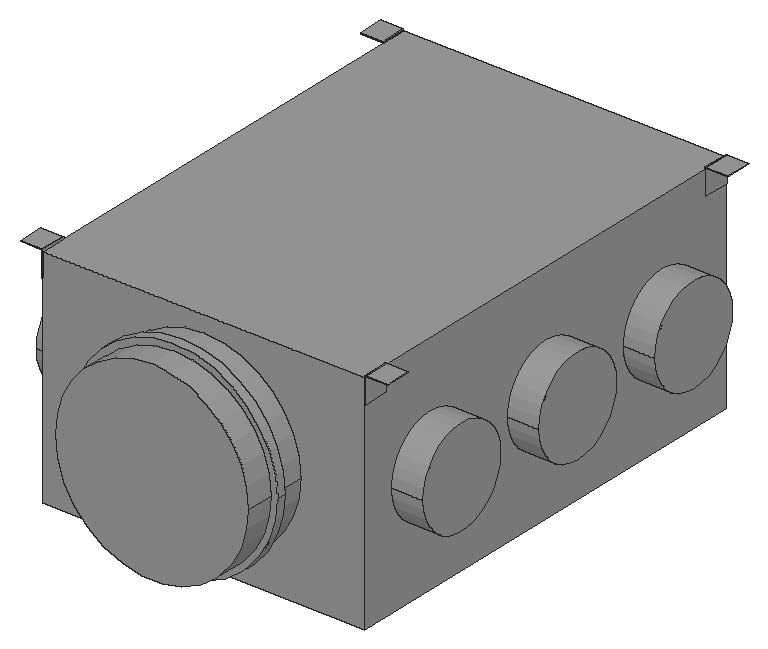
Revit family "SA_FASU(F6-150 300Φ)", category ダクト付属品, Revit 2020
Family settings
  丸型コネクタ寸法 = 直径を使用
  パーツ タイプ = ダンパー
  OmniClass 番号 = 23.75.00.00
  OmniClass タイトル = Climate Control (HVAC)
  作業面ベース = いいえ
  常に垂直 = はい
  ロード時にボイドで切り取り = いいえ
  共有 = いいえ
Parameters
  高さ = 350 mm
  風量 = 0.0 L/s
  符号 = "FASU"
  形式 = "F6-150 300φ"
  幅 [instance] = 500 mm
  奥行き = 700 mm
  大きさ = 250 mm
  呼称 = "FASUチャンバー"
  付属品_下端レベル [instance] = 0 mm
  マテリアル [instance] = 既定値
  ダクト_イン = 300 mm
  ダクト_アウト = 150 mm
  既定の高さ = 0 mm
Reference planes
  plane 1 "中心(正面/背面)": y = 0
  plane 2: z = 0
  plane 3 "中心(左/右)": x = 0
  plane 4: x = -250
  plane 5: x = 250
  plane 6: y = -700
  plane 7: z = 350
  plane 8: z = 175
  plane 9: z = 266.963
  plane 10: z = 86.159
  plane 11: x = -251
  plane 12: z = 313.122
  plane 13: z = 352.122
  plane 14: y = -350
Forms (mm)
  Extrusion 1, solid, material "既定値" <- "マテリアル"
    sketch origin (0, 0, 0) x (1, 0, 0) y (0, 1, 0)
      loop
        line (-250, 0) -> (-250, -700) -> (250, -700) -> (250, 0) -> (-250, 0)
    from 0 to 350
  Extrusion 2, solid, material "既定値" <- "マテリアル"
    sketch origin (0, -30, 0) x (1, 0, 0) y (0, 1, 0)
      loop
        line (-250, 30) -> (-251, 30) -> (-251, -10) -> (-250, -10) -> (-250, 30)
    from 313.122 to 350
  Extrusion 3, solid, material "既定値" <- "マテリアル"
    sketch origin (0, -30, 0) x (1, 0, 0) y (0, 1, 0)
      loop
        line (-285, 30) -> (-285, -10) -> (-251, -10) -> (-251, 30) -> (-285, 30)
    from 352.122 to 350
  Extrusion 4, solid, material "既定値" <- "マテリアル"
    sketch origin (0, -30, 0) x (-1, 0, 0) y (0, -1, 0)
      loop
        line (-250, -30) -> (-250, 10) -> (-251, 10) -> (-251, -30) -> (-250, -30)
    from 313.122 to 353.122
  Extrusion 5, solid, material "既定値" <- "マテリアル"
    sketch origin (0, -30, 0) x (-1, 0, 0) y (0, -1, 0)
      loop
        line (-285, -30) -> (-251, -30) -> (-251, 10) -> (-285, 10) -> (-285, -30)
    from 352.122 to 353.122
  Extrusion 6, solid, material "既定値" <- "マテリアル"
    sketch origin (0, -490, 0) x (1, 0, 0) y (0, 1, 0)
      loop
        line (-285, -170) -> (-285, -210) -> (-251, -210) -> (-251, -170) -> (-285, -170)
    from 352.122 to 353.122
  Extrusion 7, solid, material "既定値" <- "マテリアル"
    sketch origin (0, -490, 0) x (1, 0, 0) y (0, 1, 0)
      loop
        line (-250, -170) -> (-251, -170) -> (-251, -210) -> (-250, -210) -> (-250, -170)
    from 313.122 to 353.122
  Extrusion 8, solid, material "既定値" <- "マテリアル"
    sketch origin (0, -490, 0) x (-1, 0, 0) y (0, -1, 0)
      loop
        line (-285, 170) -> (-251, 170) -> (-251, 210) -> (-285, 210) -> (-285, 170)
    from 352.122 to 353.122
  Extrusion 9, solid, material "既定値" <- "マテリアル"
    sketch origin (0, -490, 0) x (-1, 0, 0) y (0, -1, 0)
      loop
        line (-250, 170) -> (-250, 210) -> (-251, 210) -> (-251, 170) -> (-250, 170)
    from 313.122 to 353.122
  Extrusion 10, solid, material "既定値" <- "マテリアル"
    sketch origin (550, -582.5, 0) x (0, -1, 0) y (0, 0, -1)
      loop
        circle (-232.5, -175) r 74.985
    from -300 to -250
  Extrusion 11, solid, material "既定値" <- "マテリアル"
    sketch origin (-550, -582.5, 0) x (0, -1, 0) y (0, 0, 1)
      loop
        circle (-232.5, 175) r 74.985
    from -300 to -250
  Extrusion 12, solid, material "既定値" <- "マテリアル"
    sketch origin (0, -700, 0) x (1, 0, 0) y (0, 0, 1)
      loop
        circle (0, 175) r 150
    from 0 to 42.5
  Extrusion 13, solid, material "既定値" <- "マテリアル"
    sketch origin (0, -743, 0) x (1, 0, 0) y (0, 0, 1)
      loop
        circle (0, 175) r 160
    from -0.5 to 14.5
  Extrusion 14, solid, material "既定値" <- "マテリアル"
    sketch origin (0, -757.5, 0) x (1, 0, 0) y (0, 0, 1)
      loop
        circle (0, 175) r 150
    from 0 to 42.5
  Extrusion 15, solid, material "既定値" <- "マテリアル"
    sketch origin (550, -357.5, 0) x (0, -1, 0) y (0, 0, -1)
      loop
        circle (-232.5, -175) r 74.985
    from -300 to -250
  Extrusion 16, solid, material "既定値" <- "マテリアル"
    sketch origin (-550, -357.5, 0) x (0, -1, 0) y (0, 0, 1)
      loop
        circle (-232.5, 175) r 74.985
    from -300 to -250
  Extrusion 17, solid, material "既定値" <- "マテリアル"
    sketch origin (550, -142.5, 0) x (0, 1, 0) y (0, 0, 1)
      loop
        circle (-432.5, 175) r 74.985
    from -300 to -250
  Extrusion 18, solid, material "既定値" <- "マテリアル"
    sketch origin (0, -142.5, 0) x (0, 1, 0) y (0, 0, 1)
      loop
        circle (-432.5, 175) r 74.985
    from -300 to -250
Lines and regions (mm)
  model lines
    curve 1: line (-250, -30, 0) -> (250, -30, 0)
    curve 2: line (-250, -670, 0) -> (250, -670, 0)
Text (mm)
  text "FASU(F6-150 300Φ)" at (3.713, -630.412, 0), in view "参照レベル"
Dimensions and locks
  equal spacing: plane 4, plane 3 "中心(左/右)", plane 5
  "幅": plane 4 to plane 5
  "奥行き": plane 6 to plane 1 "中心(正面/背面)"
  "高さ": plane 7 to level
  equal spacing: plane 7, plane 8, level
  equal spacing: plane 6, plane 14, plane 1 "中心(正面/背面)"
  aligned and locked: level to plane 2
  aligned and locked: Extrusion 1 sketch curve to plane 5
  aligned and locked: plane 7 to Extrusion 1
  aligned and locked: Extrusion 2 sketch curve to Extrusion 1
  aligned and locked: plane 7 to Extrusion 2
  aligned and locked: Extrusion 3 sketch curve to Extrusion 2
  aligned and locked: Extrusion 2 to Extrusion 3 sketch curve
  aligned and locked: plane 7 to Extrusion 3
  aligned and locked: Extrusion 3 to plane 13
  aligned and locked: Extrusion 4 to Extrusion 5 sketch curve
  aligned and locked: Extrusion 5 sketch curve to Extrusion 4
  aligned and locked: Extrusion 1 to Extrusion 8
  aligned and locked: Extrusion 6 to Extrusion 1
  aligned and locked: Extrusion 7 to Extrusion 1
  aligned and locked: Extrusion 1 to Extrusion 9
  aligned and locked: Extrusion 9 to Extrusion 8
  aligned and locked: Extrusion 7 to Extrusion 6
  aligned and locked: plane 4 to Extrusion 7
  aligned and locked: Extrusion 9 to plane 5
  aligned and locked: plane 4 to curve 1
  aligned and locked: plane 5 to curve 1
  aligned and locked: plane 5 to curve 2
  aligned and locked: Extrusion 1 to Extrusion 3
  aligned and locked: Extrusion 5 to Extrusion 1
  aligned and locked: Extrusion 4 to plane 5
  aligned and locked: Extrusion 1 to plane 6
  aligned and locked: Extrusion 1 to plane 1 "中心(正面/背面)"
  aligned and locked: plane 6 to Extrusion 12
  aligned and locked: Extrusion 15 to plane 5
  aligned and locked: plane 4 to Extrusion 16
  aligned and locked: Extrusion 17 to plane 5
  aligned and locked: plane 4 to Extrusion 18
Automatic sketch dimensions
  curve 2 to plane 4 = 0 mm
  plane 6 to curve 2 = 30 mm
  plane 1 "中心(正面/背面)" to curve 1 = 30 mm
  Extrusion 1 sketch curve to plane 4 = 0 mm
  Extrusion 1 sketch curve to plane 6 = 0 mm
  plane 1 "中心(正面/背面)" to Extrusion 1 sketch curve = 0 mm
  plane 1 "中心(正面/背面)" to Extrusion 2 sketch curve = 0 mm
  Extrusion 2 sketch curve to plane 11 = 0 mm
  Extrusion 2 sketch curve to Extrusion 2 sketch curve = 40 mm
  plane 1 "中心(正面/背面)" to Extrusion 3 sketch curve = 0 mm
  Extrusion 3 sketch curve to Extrusion 3 sketch curve = 34 mm
  plane 1 "中心(正面/背面)" to Extrusion 4 sketch curve = 0 mm
  Extrusion 4 sketch curve to plane 5 = 0 mm
  Extrusion 4 sketch curve to Extrusion 4 sketch curve = 1 mm
  Extrusion 4 sketch curve to Extrusion 4 sketch curve = 40 mm
  plane 1 "中心(正面/背面)" to Extrusion 5 sketch curve = 0 mm
  Extrusion 5 sketch curve to Extrusion 5 sketch curve = 34 mm
  Extrusion 6 sketch curve to plane 6 = 0 mm
  Extrusion 6 sketch curve to plane 11 = 0 mm
  Extrusion 6 sketch curve to plane 11 = 34 mm
  plane 6 to Extrusion 6 sketch curve = 40 mm
  Extrusion 7 sketch curve to plane 11 = 0 mm
  Extrusion 7 sketch curve to plane 4 = 0 mm
  Extrusion 7 sketch curve to plane 6 = 0 mm
  plane 6 to Extrusion 7 sketch curve = 40 mm
  Extrusion 8 sketch curve to plane 6 = 0 mm
  Extrusion 8 sketch curve to plane 5 = 35 mm
  Extrusion 8 sketch curve to plane 5 = 1 mm
  Extrusion 8 sketch curve to Extrusion 8 sketch curve = 40 mm
  Extrusion 9 sketch curve to plane 6 = 0 mm
  Extrusion 9 sketch curve to plane 5 = 0 mm
  Extrusion 9 sketch curve to Extrusion 9 sketch curve = 1 mm
  Extrusion 9 sketch curve to Extrusion 9 sketch curve = 40 mm
  Extrusion 10 sketch curve to plane 8 = 0 mm
  Extrusion 10 sketch curve to plane 14 = 0 mm
  Extrusion 11 sketch curve to plane 8 = 0 mm
  Extrusion 11 sketch curve to plane 14 = 0 mm
  Extrusion 12 sketch curve to plane 3 "中心(左/右)" = 0 mm
  Extrusion 12 sketch curve to plane 8 = 0 mm
  Extrusion 13 sketch curve to plane 3 "中心(左/右)" = 0 mm
  Extrusion 13 sketch curve to plane 8 = 0 mm
  Extrusion 14 sketch curve to plane 3 "中心(左/右)" = 0 mm
  Extrusion 14 sketch curve to plane 8 = 0 mm
  Extrusion 15 sketch curve to plane 8 = 0 mm
  plane 1 "中心(正面/背面)" to Extrusion 15 sketch curve = 125 mm
  Extrusion 16 sketch curve to plane 8 = 0 mm
  plane 1 "中心(正面/背面)" to Extrusion 16 sketch curve = 125 mm
  Extrusion 17 sketch curve to plane 8 = 0 mm
  plane 6 to Extrusion 17 sketch curve = 125 mm
  Extrusion 18 sketch curve to plane 8 = 0 mm
  plane 6 to Extrusion 18 sketch curve = 125 mm
  radius of Extrusion 10 sketch curve = 74.985 mm
  radius of Extrusion 11 sketch curve = 74.985 mm
  radius of Extrusion 12 sketch curve = 150 mm
  radius of Extrusion 13 sketch curve = 160 mm
  radius of Extrusion 14 sketch curve = 150 mm
  radius of Extrusion 15 sketch curve = 74.985 mm
  radius of Extrusion 16 sketch curve = 74.985 mm
  radius of Extrusion 17 sketch curve = 74.985 mm
  radius of Extrusion 18 sketch curve = 74.985 mm
Connectors
  hvac at (-300, -575, 175), driven by "ダクト_アウト"
    settings: on Extrusion 18, index 1, duct flow 0.0 L/s, flow factor 0, pres drop 0.0 Pa, loss coef 0, conn angle 0.00°, conn width 304.8 mm, conn height 304.8 mm, conn diameter 150 mm, duct sys type 29, conn prof type 0, flow config 0, flow direction 2, loss method 0, conn ref index -1, conn util no, is conn primary yes, conn desc ""
  hvac at (-300, -350, 175), driven by "ダクト_アウト"
    settings: on Extrusion 11, index 2, duct flow 0.0 L/s, flow factor 0, pres drop 0.0 Pa, loss coef 0, conn angle 0.00°, conn width 304.8 mm, conn height 304.8 mm, conn diameter 150 mm, duct sys type 29, conn prof type 0, flow config 0, flow direction 2, loss method 0, conn ref index -1, conn util no, is conn primary no, conn desc ""
  hvac at (-300, -125, 175), driven by "ダクト_アウト"
    settings: on Extrusion 16, index 3, duct flow 0.0 L/s, flow factor 0, pres drop 0.0 Pa, loss coef 0, conn angle 0.00°, conn width 304.8 mm, conn height 304.8 mm, conn diameter 150 mm, duct sys type 29, conn prof type 0, flow config 0, flow direction 2, loss method 0, conn ref index -1, conn util no, is conn primary no, conn desc ""
  hvac at (300, -575, 175), driven by "ダクト_アウト"
    settings: on Extrusion 17, index 4, duct flow 0.0 L/s, flow factor 0, pres drop 0.0 Pa, loss coef 0, conn angle 0.00°, conn width 304.8 mm, conn height 304.8 mm, conn diameter 150 mm, duct sys type 29, conn prof type 0, flow config 0, flow direction 2, loss method 0, conn ref index -1, conn util no, is conn primary no, conn desc ""
  hvac at (300, -350, 175), driven by "ダクト_アウト"
    settings: on Extrusion 10, index 5, duct flow 0.0 L/s, flow factor 0, pres drop 0.0 Pa, loss coef 0, conn angle 0.00°, conn width 304.8 mm, conn height 304.8 mm, conn diameter 150 mm, duct sys type 29, conn prof type 0, flow config 0, flow direction 2, loss method 0, conn ref index -1, conn util no, is conn primary no, conn desc ""
  hvac at (300, -125, 175), driven by "ダクト_アウト"
    settings: on Extrusion 15, index 6, duct flow 0.0 L/s, flow factor 0, pres drop 0.0 Pa, loss coef 0, conn angle 0.00°, conn width 304.8 mm, conn height 304.8 mm, conn diameter 150 mm, duct sys type 29, conn prof type 0, flow config 0, flow direction 2, loss method 0, conn ref index -1, conn util no, is conn primary no, conn desc ""
  hvac at (0, -800, 175), driven by "ダクト_イン"
    settings: on Extrusion 14, index 7, duct flow 0.0 L/s, flow factor 0, pres drop 0.0 Pa, loss coef 0, conn angle 0.00°, conn width 304.8 mm, conn height 304.8 mm, conn diameter 300 mm, duct sys type 29, conn prof type 0, flow config 0, flow direction 1, loss method 0, conn ref index -1, conn util no, is conn primary no, conn desc ""
